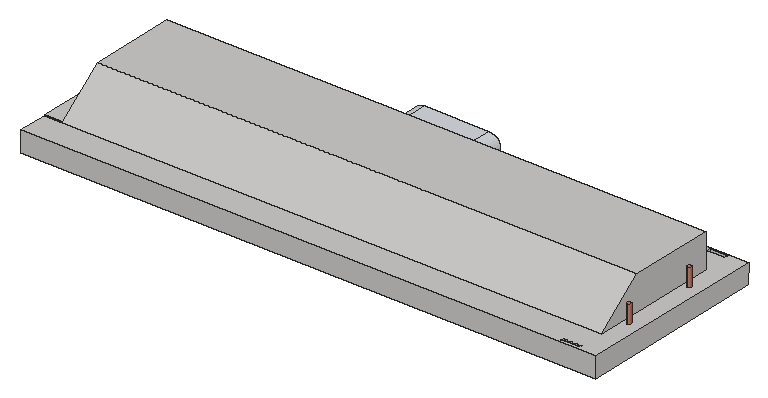
Revit family "HVAC-Chilled_Beam-Dadanco-ACB4L", category Mechanical Equipment, Revit 2018
Family settings
  Round Connector Dimension = Use Diameter
  Part Type = Normal
  OmniClass Number = 23.75.70.17.31
  OmniClass Title = Induction Units
  Work Plane-Based = No
  Always vertical = Yes
  Cut with Voids When Loaded = No
  Shared = No
  Room Calculation Point = No
Parameters (values of type "6' Nominal Length")
  Zone Name [instance] = ""
  Zone ID [instance] = ""
  Unit Width = 1' - 11 3/4"  # constant formula
  Unit Weight = if(Nominal Unit Length = 2' 0", "34 lb", if(Nominal Unit Length = 4' 0", "68 lb", if(Nominal Unit Length = 6' 0", "102 lb", if(Nominal Unit Length = 8' 0", "132 lb", if(Nominal Unit Length = 10' 0", "167 lb", "0 lb")))))  # "102 lb"
  Unit Tag [instance] = ""
  Unit Height = 0' - 6 205/256"  # constant formula
  Total Cooling Capacity = 0.0 Btu/h
  Supply Air = 0 CFM
  Sound Level dBA = ""
  Sound Level NC = ""
  Secondary Air Sensible Heating = 0.0 Btu/h
  Secondary Air Sensible Cooling = 0.0 Btu/h
  SHHW Temperature = 0 °F
  SHHW Pressure Drop [instance] = HWPD  # 0 Pa
  SHHW Flow [instance] = HWF  # 0 GPM
  SCHW Temperature = 0 °F
  SCHW Pressure Drop [instance] = CWPD  # 0 Pa
  SCHW Flow [instance] = CWF  # 0 GPM
  Primary Air Static Pressure [instance] = PASP  # 0.00 in-wg
  Primary Air Inlet Top [instance] = not(Primary Air Inlet Back)  # no
  Primary Air Inlet Size = 0' - 6"
  Primary Air Inlet Back [instance] = yes
  Primary Air Flow Rate [instance] = PA  # 0 CFM
  PASP = 0.00 in-wg
  PA = 0 CFM
  Origin1 = Nominal Unit Length / 2  # 3' - 0"
  Nozzle Configuration = ""
  Nominal Unit Length = 6' - 0"
  Net Unit Heating Sensible = 0.0 Btu/h
  Net Unit Cooling Sensible = 0.0 Btu/h
  Unit Length = Nominal Unit Length - 0' 0 1/4"  # 5' - 11 3/4"
  URL = "http://www.dadanco.com/"
  Type Comments = "2-way Discharge Horizontal Coil"
  SHHW Temp Out = 0 °F
  SCHW Temp Out = 0 °F
  Product Page URL = ""
  Latent Cooling = 0.0 Btu/h
  Keynote = "23 37 00.A1"
  Heating Supply Air Temperature = 0 °F
  Heating Room Dry Bulb = 0 °F
  Heating Primary Air Dry Bulb = 0 °F
  HWPD = 0 Pa
  HWF = 0 GPM
  Front Back Air Inlet [instance] = or(Primary Air Inlet Top, Primary Air Inlet Back)  # yes
  Pipe Material = Metal-Dadanco-Copper-Satin
  Pipe Coil Outlet = "2 Pipe Coi, 0.5 inch SWT Stub Coil Connection"
  Pipe Coil Inlet = "2 Pipe Coi, 0.5 inch SWT Stub Coil Connection"
  Documentation Link = ""
  Cooling Supply Air Temperature = 0 °F
  Cooling Room Relative Humidity = 0
  Cooling Room Dry Bulb = 0 °F
  Cooling Primary Air Wet Bulb = 0 °F
  Cooling Primary Air Dry Bulb = 0 °F
  Coil Connection Right [instance] = yes
  Coil Connection Left [instance] = not(Coil Connection Right)  # no
  Revision Date = "06/24/2020"  # constant formula
  Coil Length = if(Nominal Unit Length = 2' 0", 2' 0", if(Nominal Unit Length = 4' 0", 3' 4", if(Nominal Unit Length = 6' 0", 5' 4", 0' 0")))  # 5' - 4"
  Model = "ACB40"  # constant formula
  Manufacturer = "Dadanco"  # constant formula
  Housing Material = Metal-Dadanco-Steel-Galvanized
  Description = "Active Chilled Beam"  # constant formula
  CWPD = 0 Pa
  CWF = 0 GPM
  4 Pipe Coil Configuration Right [instance] = and([4 Pipe Coil Configuration], Coil Connection Right)  # no
  4 Pipe Coil Configuration Left [instance] = and([4 Pipe Coil Configuration], Coil Connection Left)  # no
  4 Pipe Coil Configuration = if([2 or 4 pipe] = 4, 1 = 1, 1 = 0)  # no
  2 or 4 pipe = 2
  2 Pipe Coil Configuration = if([2 or 4 pipe] = 2, 1 = 1, 1 = 0)  # yes
  Assembly Code = "D3040100"
Types (6): name | Unit Weight | Primary Air Inlet Top | Primary Air Inlet Back | Origin1 | Nominal Unit Length | Unit Length | Product Page URL | Documentation Link | Coil Length
  (no name) | "102 lb" | no | yes | 3' - 0" | 6' - 0" | 5' - 11 3/4" | "" | "" | 5' - 4"
  4' Nominal Length | "68 lb" | yes | no | 2' - 0" | 4' - 0" | 3' - 11 3/4" | "http://www.activechilledbeam.com/efficient_air_conditioning.asp" | "http://www.dadanco.com/ACB/air_conditioning_literature.asp?productLineID=30" | 3' - 4"
  2' Nominal Length | "34 lb" | yes | no | 1' - 0" | 2' - 0" | 1' - 11 3/4" | "http://www.activechilledbeam.com/efficient_air_conditioning.asp" | "http://www.dadanco.com/ACB/air_conditioning_literature.asp?productLineID=30" | 2' - 0"
  6' Nominal Length | "102 lb" | no | yes | 3' - 0" | 6' - 0" | 5' - 11 3/4" | "" | "" | 5' - 4"
  8' Nominal Length | "132 lb" | no | yes | 4' - 0" | 8' - 0" | 7' - 11 3/4" | "http://www.activechilledbeam.com/efficient_air_conditioning.asp" | "http://www.dadanco.com/ACB/air_conditioning_literature.asp?productLineID=30" | 0' - 0"
  10' Nominal Length | "167 lb" | no | yes | 5' - 0" | 10' - 0" | 9' - 11 3/4" | "http://www.activechilledbeam.com/efficient_air_conditioning.asp" | "http://www.dadanco.com/ACB/air_conditioning_literature.asp?productLineID=30" | 0' - 0"
Reference planes (in)
  plane 1 "Center (Front/Back)": y = 0.99087
  plane 2 "Top Face of Plenum": z = 6.80078
  plane 3 "Center (Left/Right)": x = 0.55581
  plane 4 "Right End": x = 36.43081
  plane 5 "Bottom Face": z = 0
  plane 6 "Left End": x = -35.31919
  plane 7 "brkt_LH": x = -33.35519
  plane 8 "Brkt_RH": x = 34.46681
  plane 9 "CHW_Back": y = 5.69087
  plane 10 "HW_Back_D": y = 2.57087
  plane 11 "HW_FRT_D": y = -1.18913
  plane 12 "CHW_FR": y = -3.69613
  plane 13 "Back_end": y = 12.86587
  plane 14 "Front End": y = -10.88413
  plane 15 "Endpl_H": z = 2.54
  plane 16 "Sidedct_H": z = 6.239
  plane 17 "topdct_ctr": y = 3.12087
  plane 18 "HW_frt_C": y = -0.58913
  plane 19 "HW_back_C": y = 3.17087
  plane 20 "spigL": x = 4.55581
  plane 21 "SpigR": x = -3.44419
  plane 22 "spigB": z = 3.309
Forms (in)
  Extrusion 1, solid, material "Metal-Dadanco-Steel-Galvanized" <- "Housing Material"
    sketch origin (0.55581, 0, -0.011) x (0, 1, 0) y (0, 0, 1)
      loop
        line (-7.13413, 2.511) -> (-10.88413, 2.511) -> (-10.88413, 0) -> (12.86587, 0) -> (12.86587, 2.511) -> (9.11587, 2.511) -> (9.11587, 6.81178) -> (-1.63413, 6.81178) -> (-7.13413, 2.511)
    from -35.875 to 35.875
  Extrusion 2, void
    sketch origin (36.43081, 0, -0.011) x (0, -1, 0) y (0, 0, 1)
      loop
        line (7.13413, 6.81178) -> (-9.11587, 6.81178) -> (-9.11587, 2.511) -> (7.13413, 2.511) -> (7.13413, 6.81178)
    from 0 to 2.27344
  Extrusion 3, void
    sketch origin (-35.31919, 0, -0.011) x (0, 1, 0) y (0, 0, 1)
      loop
        line (9.11587, 6.81178) -> (-7.05429, 6.81178) -> (-7.05429, 2.511) -> (9.11587, 2.511) -> (9.11587, 6.81178)
    from 0 to 2.27344
  Extrusion 4, solid, material "Metal-Dadanco-Copper-Satin" <- "Pipe Material", visible <- "Coil Connection Left", detail levels medium+fine
    sketch origin (0.20581, 13.29045, 2.511) x (0, -1, 0) y (1, 0, 0)
      loop
        circle (7.6084, -33.911) r 0.25
    from 0 to 2.14844
  Extrusion 5, solid, material "Metal-Dadanco-Copper-Satin" <- "Pipe Material", visible <- "4 Pipe Coil Configuration Left", detail levels medium+fine
    sketch origin (0.20581, 13.28985, 2.5) x (0, -1, 0) y (1, 0, 0)
      loop
        circle (10.7284, -33.911) r 0.25
    from 0 to 2.14844
  Extrusion 6, solid, material "Metal-Dadanco-Copper-Satin" <- "Pipe Material", visible <- "4 Pipe Coil Configuration Left", detail levels medium+fine
    sketch origin (0.20581, 13.30428, 2.5) x (0, -1, 0) y (1, 0, 0)
      loop
        circle (14.4884, -33.911) r 0.25
    from 0 to 2.14844
  Extrusion 7, solid, material "Metal-Dadanco-Copper-Satin" <- "Pipe Material", visible <- "Coil Connection Left", detail levels medium+fine
    sketch origin (0.20581, 13.28785, 2.5) x (0, -1, 0) y (1, 0, 0)
      loop
        circle (16.9954, -33.911) r 0.25
    from 0 to 2.14844
  Extrusion 8, solid, material "Metal-Dadanco-Copper-Satin" <- "Pipe Material", visible <- "Coil Connection Right", detail levels medium+fine
    sketch origin (0.93081, 13.1967, 2.5) x (0, -1, 0) y (1, 0, 0)
      loop
        circle (7.51567, 33.88652) r 0.25
    from 0 to 2.14844
  Extrusion 9, solid, material "Metal-Dadanco-Copper-Satin" <- "Pipe Material", visible <- "4 Pipe Coil Configuration Right", detail levels medium+fine
    sketch origin (0.90581, 13.90683, 2.5) x (0, -1, 0) y (1, 0, 0)
      loop
        circle (10.7284, 33.911) r 0.25
    from 0 to 2.14844
  Extrusion 10, solid, material "Metal-Dadanco-Copper-Satin" <- "Pipe Material", visible <- "4 Pipe Coil Configuration Right", detail levels medium+fine
    sketch origin (0.90581, 13.90784, 2.5) x (0, -1, 0) y (1, 0, 0)
      loop
        circle (14.4884, 33.911) r 0.25
    from 0 to 2.14844
  Extrusion 11, solid, material "Metal-Dadanco-Copper-Satin" <- "Pipe Material", visible <- "Coil Connection Right", detail levels medium+fine
    sketch origin (0.90581, 13.29285, 2.5) x (0, -1, 0) y (1, 0, 0)
      loop
        circle (16.9954, 33.911) r 0.25
    from 0 to 2.14844
  Extrusion 12, solid, material "Metal-Dadanco-Steel-Galvanized", visible <- "Primary Air Inlet Top"
    sketch origin (0, 0, 6.80078) x (1, 0, 0) y (0, 1, 0)
      loop
        circle (0.55581, 3.12392) r 3
    from 0 to 3.30078
  Extrusion 13, void
    sketch origin (0, 0, 2.54) x (0, 1, 0) y (-1, 0, 0)
      loop
        line (-10.13413, 32.94419) -> (-10.57413, 32.94419) -> (-10.57413, 30.69419) -> (-10.13413, 30.69419) -> (-10.13413, 32.94419)
    from -2.33203 to 0
  Extrusion 14, void
    sketch origin (0, 0, 2.54) x (0, 1, 0) y (-1, 0, 0)
      loop
        line (12.60494, -31.80581) -> (12.16494, -31.80581) -> (12.16494, -34.05581) -> (12.60494, -34.05581) -> (12.60494, -31.80581)
    from -2.33203 to 0
  Extrusion 15, void
    sketch origin (0, 0, 2.54) x (0, 1, 0) y (-1, 0, 0)
      loop
        line (-10.13413, -31.80581) -> (-10.57413, -31.80581) -> (-10.57413, -34.05581) -> (-10.13413, -34.05581) -> (-10.13413, -31.80581)
    from -2.33203 to 0
  Extrusion 16, void
    sketch origin (0, 0, 2.54) x (0, 1, 0) y (-1, 0, 0)
      loop
        line (12.62004, 32.94419) -> (12.18004, 32.94419) -> (12.18004, 30.69419) -> (12.62004, 30.69419) -> (12.62004, 32.94419)
    from -2.33203 to 0
  Extrusion 17, solid, visible <- "Primary Air Inlet Back"
    sketch origin (0, 12.86587, 0) x (0, 0, 1) y (-1, 0, 0)
      loop
        line (6.214, -4.55581) -> (6.214, 3.44419)
        arc (6.214, 3.44419) -> (4.774, 4.88419) -> (3.334, 3.44419) r 1.44
        line (3.334, 3.44419) -> (3.334, -4.55581)
        arc (3.334, -4.55581) -> (4.774, -5.99581) -> (6.214, -4.55581) r 1.44
    from 0.60156 to 4
Cuts and joins
  Extrusion 2, Extrusion 3, Extrusion 14, Extrusion 15, Extrusion 16 cuts Extrusion 1
Lines and regions (in)
  model lines, detail levels medium+fine
    curve 1: line (-35.31919, -5.13663, 0) -> (36.43081, -5.13663, 0)
    curve 2: line (-35.31919, 7.25637, 0) -> (36.43081, 7.25637, 0)
  symbolic lines, not visible, detail levels medium+fine
    curve 3: arc (0.43081, -5.48123, 4.78078) -> (0.55581, -5.48123, 4.90578) -> (0.68081, -5.48123, 4.78078) r 0.125
    curve 4: arc (0.68081, -5.48123, 4.78078) -> (0.55581, -5.48123, 4.65578) -> (0.43081, -5.48123, 4.78078) r 0.125
  symbolic lines, detail levels fine
    curve 5: line (-35.31919, 8.18979, 4.13) -> (36.43081, 8.18979, 4.13)
    curve 6: line (-35.31919, -6.07005, 4.13) -> (36.43081, -6.07005, 4.13)
  symbolic lines, detail levels medium+fine
    curve 7: line (-35.31919, 12.86587, 0) -> (-35.31919, -10.88413, 0)
    curve 8: line (-35.31919, -10.88413, 0) -> (36.43081, -10.88413, 0)
    curve 9: line (36.43081, -10.88413, 0) -> (36.43081, 12.86587, 0)
    curve 10: line (36.43081, 12.86587, 0) -> (-35.31919, 12.86587, 0)
Dimensions and locks (in)
  equal spacing: plane 6 "Left End", plane 3 "Center (Left/Right)", plane 4 "Right End"
  "Unit Length": plane 6 "Left End" to plane 4 "Right End"
  "Unit Height": plane 2 "Top Face of Plenum" to plane 5 "Bottom Face"
  plane 1 "Center (Front/Back)" to plane 9 "CHW_Back" = 0' - 4.7"
  plane 1 "Center (Front/Back)" to plane 10 "HW_Back_D" = 0' - 1.58"
  plane 11 "HW_FRT_D" to plane 1 "Center (Front/Back)" = 0' - 2.18"
  locked: plane 12 "CHW_FR" to plane 1 "Center (Front/Back)" at 4.687
  locked: plane 6 "Left End" to plane 7 "brkt_LH" at 1.964
  locked: plane 8 "Brkt_RH" to plane 4 "Right End" at 1.964
  plane 1 "Center (Front/Back)" to Extrusion 12 sketch curve = 0' - 2.13306"
  locked: Extrusion 12 sketch curve to plane 3 "Center (Left/Right)" at 0
  plane 14 "Front End" to plane 13 "Back_end" = 1' - 11 3/4"
  plane 1 "Center (Front/Back)" to plane 11 "HW_FRT_D" to plane 12 "CHW_FR" = 0' - 2.18", 0' - 2.507"
  locked: plane 1 "Center (Front/Back)" to plane 10 "HW_Back_D" at 1.58
  locked: plane 9 "CHW_Back" to plane 1 "Center (Front/Back)" at 4.7
  plane 1 "Center (Front/Back)" to plane 12 "CHW_FR" = 0' - 4.687"
  equal spacing: plane 13 "Back_end", plane 1 "Center (Front/Back)", plane 14 "Front End"
  aligned and locked: plane 5 "Bottom Face" to level
  aligned and locked: Extrusion 1 to plane 6 "Left End"
  aligned and locked: Extrusion 1 to plane 4 "Right End"
  aligned and locked: Extrusion 3 sketch curve to cut or joined group of Extrusion 1, Extrusion 2, Extrusion 3, Extrusion 14, Extrusion 15, Extrusion 16
  aligned and locked: plane 13 "Back_end" to cut or joined group of Extrusion 1, Extrusion 2, Extrusion 3, Extrusion 14, Extrusion 15, Extrusion 16
  aligned and locked: plane 14 "Front End" to cut or joined group of Extrusion 1, Extrusion 2, Extrusion 3, Extrusion 14, Extrusion 15, Extrusion 16
Automatic sketch dimensions
  curve 4 to plane 3 "Center (Left/Right)" = 0' - 0"
  curve 4 to plane 2 "Top Face of Plenum" = 0' - 2.02"
  plane 3 "Center (Left/Right)" to curve 3 = 0' - 0 1/8"
  curve 5 to plane 4 "Right End" = 0' - 0"
  curve 5 to plane 6 "Left End" = 0' - 0"
  curve 6 to plane 4 "Right End" = 0' - 0"
  curve 6 to plane 6 "Left End" = 0' - 0"
  plane 9 "CHW_Back" to curve 5 = 0' - 2.49892"
  plane 12 "CHW_FR" to curve 6 = 0' - 2.37392"
  Extrusion 2 sketch curve to Extrusion 1 = 0' - 0"
  Extrusion 1 to Extrusion 2 sketch curve = 0' - 0"  (x3)
  Extrusion 1 to Extrusion 3 sketch curve = 0' - 0"  (x2)
  Extrusion 1 to Extrusion 3 sketch curve = 0' - 3.82985"
  Extrusion 4 sketch curve to plane 7 "brkt_LH" = 0' - 0.35"
  Extrusion 4 sketch curve to plane 9 "CHW_Back" = 0' - 0.00882"
  Extrusion 5 sketch curve to plane 7 "brkt_LH" = 0' - 0.35"
  plane 10 "HW_Back_D" to Extrusion 5 sketch curve = 0' - 0.00942"
  Extrusion 6 sketch curve to plane 7 "brkt_LH" = 0' - 0.35"
  Extrusion 6 sketch curve to plane 11 "HW_FRT_D" = 0' - 0.00501"
  Extrusion 7 sketch curve to plane 7 "brkt_LH" = 0' - 0.35"
  plane 12 "CHW_FR" to Extrusion 7 sketch curve = 0' - 0.01142"
  plane 8 "Brkt_RH" to Extrusion 8 sketch curve = 0' - 0.35052"
  Extrusion 8 sketch curve to plane 9 "CHW_Back" = 0' - 0.00984"
  plane 8 "Brkt_RH" to Extrusion 9 sketch curve = 0' - 0.35"
  Extrusion 9 sketch curve to plane 10 "HW_Back_D" = 0' - 0.60756"
  plane 8 "Brkt_RH" to Extrusion 10 sketch curve = 0' - 0.35"
  Extrusion 10 sketch curve to plane 11 "HW_FRT_D" = 0' - 0.60857"
  plane 8 "Brkt_RH" to Extrusion 11 sketch curve = 0' - 0.35"
  plane 12 "CHW_FR" to Extrusion 11 sketch curve = 0' - 0.00642"
  Extrusion 1 sketch curve to plane 14 "Front End" = 0' - 0"
  Extrusion 1 sketch curve to plane 2 "Top Face of Plenum" = 0' - 0"
  Extrusion 1 sketch curve to plane 13 "Back_end" = 0' - 0"
  plane 11 "HW_FRT_D" to Extrusion 1 sketch curve = 0' - 0.445"
  plane 9 "CHW_Back" to Extrusion 1 sketch curve = 0' - 3.425"
  Extrusion 1 sketch curve to plane 15 "Endpl_H" = 0' - 0.04"  (x2)
  Extrusion 1 sketch curve to level = 0' - 0.011"
  plane 12 "CHW_FR" to Extrusion 1 sketch curve = 0' - 3.438"
  curve 1 to plane 4 "Right End" = 0' - 0"
  curve 7 to plane 6 "Left End" = 0' - 0"
  curve 7 to plane 14 "Front End" = 0' - 0"
  plane 13 "Back_end" to curve 10 = 0' - 0"
  curve 1 to plane 12 "CHW_FR" = 0' - 1.4405"
  curve 2 to plane 9 "CHW_Back" = 0' - 1.5655"
  plane 13 "Back_end" to Extrusion 14 sketch curve = 0' - 0.70092"
  plane 13 "Back_end" to Extrusion 14 sketch curve = 0' - 0.26092"
  Extrusion 14 sketch curve to plane 8 "Brkt_RH" = 0' - 0.411"
  Extrusion 14 sketch curve to Extrusion 14 sketch curve = 0' - 2 1/4"
  plane 13 "Back_end" to Extrusion 16 sketch curve = 0' - 0.68583"
  plane 13 "Back_end" to Extrusion 16 sketch curve = 0' - 0.24583"
  plane 7 "brkt_LH" to Extrusion 16 sketch curve = 0' - 2.661"
  plane 7 "brkt_LH" to Extrusion 16 sketch curve = 0' - 0.411"
  plane 14 "Front End" to Extrusion 15 sketch curve = 0' - 0.31"
  Extrusion 15 sketch curve to Extrusion 15 sketch curve = 0' - 0.44"
  Extrusion 15 sketch curve to plane 8 "Brkt_RH" = 0' - 0.411"
  Extrusion 15 sketch curve to Extrusion 15 sketch curve = 0' - 2 1/4"
  plane 14 "Front End" to Extrusion 13 sketch curve = 0' - 0.31"
  Extrusion 13 sketch curve to Extrusion 13 sketch curve = 0' - 0.44"
  plane 7 "brkt_LH" to Extrusion 13 sketch curve = 0' - 2.661"
  plane 7 "brkt_LH" to Extrusion 13 sketch curve = 0' - 0.411"
  plane 20 "spigL" to Extrusion 17 sketch curve = 0' - 0"
  plane 21 "SpigR" to Extrusion 17 sketch curve = 0' - 0"
  Extrusion 17 sketch curve to plane 22 "spigB" = 0' - 0.025"
  Extrusion 17 sketch curve to Extrusion 17 sketch curve = 0' - 1.44"
  radius of Extrusion 4 sketch curve = 0' - 0 1/4"
  radius of Extrusion 5 sketch curve = 0' - 0 1/4"
  radius of Extrusion 6 sketch curve = 0' - 0 1/4"
  radius of Extrusion 7 sketch curve = 0' - 0 1/4"
  radius of Extrusion 8 sketch curve = 0' - 0 1/4"
  radius of Extrusion 9 sketch curve = 0' - 0 1/4"
  radius of Extrusion 10 sketch curve = 0' - 0 1/4"
  radius of Extrusion 11 sketch curve = 0' - 0 1/4"
  radius of Extrusion 12 sketch curve = 0' - 3"
Connectors (in)
  piping at (34.81681, -3.70255, 4.64844), diameter 0.5, driven by "SCHW Flow"
    settings: on Extrusion 11, index 13, connector inside diameter 24", connector length 0' - 0", flow factor 0, pipe flow 0 GPM, pressure drop 0 Pa, fitting loss kfactor 0, connector angle 0.00°, fixture units 0, engagement length 0' - 0", angle of deflection 0.00°, flow configuration 1, flow direction 1, fitting loss method 0, system type 7, joint type 0, gender type 0, connector reference index -1, connector utility 0, adjustable connector no, is connector primary yes, connector description "SCHW Supply Right"
  piping at (34.81681, -0.58056, 4.64844), diameter 0.5, driven by "SHHW Flow"
    settings: on Extrusion 10, index 14, connector inside diameter 24", connector length 0' - 0", flow factor 0, pipe flow 0 GPM, pressure drop 0 Pa, fitting loss kfactor 0, connector angle 0.00°, fixture units 0, engagement length 0' - 0", angle of deflection 0.00°, flow configuration 1, flow direction 1, fitting loss method 0, system type 7, joint type 0, gender type 0, connector reference index -1, connector utility 0, adjustable connector no, is connector primary no, connector description "SHHW Supply Right"
  piping at (34.81681, 3.17843, 4.64844), diameter 0.5, driven by "SHHW Flow", driven by "SHHW Pressure Drop"
    settings: on Extrusion 9, index 15, connector inside diameter 24", connector length 0' - 0", flow factor 0, pipe flow 0 GPM, pressure drop 0 Pa, fitting loss kfactor 0, connector angle 0.00°, fixture units 0, engagement length 0' - 0", angle of deflection 0.00°, flow configuration 1, flow direction 2, fitting loss method 4, system type 8, joint type 0, gender type 0, connector reference index -1, connector utility 0, adjustable connector no, is connector primary no, connector description "SHHW Return Right"
  piping at (34.81733, 5.68102, 4.64844), diameter 0.5, driven by "SCHW Flow", driven by "SCHW Pressure Drop"
    settings: on Extrusion 8, index 16, connector inside diameter 24", connector length 0' - 0", flow factor 0, pipe flow 0 GPM, pressure drop 0 Pa, fitting loss kfactor 0, connector angle 0.00°, fixture units 0, engagement length 0' - 0", angle of deflection 0.00°, flow configuration 1, flow direction 2, fitting loss method 4, system type 8, joint type 0, gender type 0, connector reference index -1, connector utility 0, adjustable connector no, is connector primary no, connector description "SCHW Return Right"
  piping at (-33.70519, 5.68205, 4.65944), diameter 0.5, driven by "SCHW Flow", driven by "SCHW Pressure Drop"
    settings: on Extrusion 4, index 17, connector inside diameter 24", connector length 0' - 0", flow factor 0, pipe flow 0 GPM, pressure drop 0 Pa, fitting loss kfactor 0, connector angle 0.00°, fixture units 0, engagement length 0' - 0", angle of deflection 0.00°, flow configuration 1, flow direction 2, fitting loss method 4, system type 8, joint type 0, gender type 0, connector reference index -1, connector utility 0, adjustable connector no, is connector primary no, connector description "SCHW Return Left"
  piping at (-33.70519, 2.56145, 4.64844), diameter 0.5, driven by "SHHW Flow", driven by "SHHW Pressure Drop"
    settings: on Extrusion 5, index 18, connector inside diameter 24", connector length 0' - 0", flow factor 0, pipe flow 0 GPM, pressure drop 0 Pa, fitting loss kfactor 0, connector angle 0.00°, fixture units 0, engagement length 0' - 0", angle of deflection 0.00°, flow configuration 1, flow direction 2, fitting loss method 4, system type 8, joint type 0, gender type 0, connector reference index -1, connector utility 0, adjustable connector no, is connector primary no, connector description "SHHW Return Left"
  piping at (-33.70519, -1.18412, 4.64844), diameter 0.5, driven by "SHHW Flow"
    settings: on Extrusion 6, index 19, connector inside diameter 24", connector length 0' - 0", flow factor 0, pipe flow 0 GPM, pressure drop 0 Pa, fitting loss kfactor 0, connector angle 0.00°, fixture units 0, engagement length 0' - 0", angle of deflection 0.00°, flow configuration 1, flow direction 1, fitting loss method 0, system type 7, joint type 0, gender type 0, connector reference index -1, connector utility 0, adjustable connector no, is connector primary no, connector description "SHHW Supply Left"
  piping at (-33.70519, -3.70755, 4.64844), diameter 0.5, driven by "SCHW Flow"
    settings: on Extrusion 7, index 20, connector inside diameter 24", connector length 0' - 0", flow factor 0, pipe flow 0 GPM, pressure drop 0 Pa, fitting loss kfactor 0, connector angle 0.00°, fixture units 0, engagement length 0' - 0", angle of deflection 0.00°, flow configuration 1, flow direction 1, fitting loss method 0, system type 7, joint type 0, gender type 0, connector reference index -1, connector utility 0, adjustable connector no, is connector primary no, connector description "SCHW Supply Left"
  hvac at (0.55581, 3.12392, 10.10156), driven by "Primary Air Static Pressure", driven by "Primary Air Flow Rate", driven by "Primary Air Inlet Size"
    settings: on Extrusion 12, index 21, duct flow 0 CFM, flow factor 0, pres drop 0.00 in-wg, loss coef 0, conn angle 0.00°, conn width 12", conn height 12", conn diameter 6", duct sys type 1, conn prof type 0, flow config 1, flow direction 1, loss method 4, conn ref index -1, conn util no, is conn primary yes, conn desc "Primary Air Inlet Top"
  hvac at (0.55581, 12.26431, 4.774), driven by "Primary Air Static Pressure", driven by "Primary Air Flow Rate", driven by "Primary Air Inlet Size"
    settings: on Extrusion 17, index 22, duct flow 0 CFM, flow factor 0, pres drop 0.00 in-wg, loss coef 0, conn angle 0.00°, conn width 10 225/256", conn height 2 225/256", conn diameter 6", duct sys type 1, conn prof type 0, flow config 1, flow direction 1, loss method 4, conn ref index -1, conn util no, is conn primary no, conn desc ""
